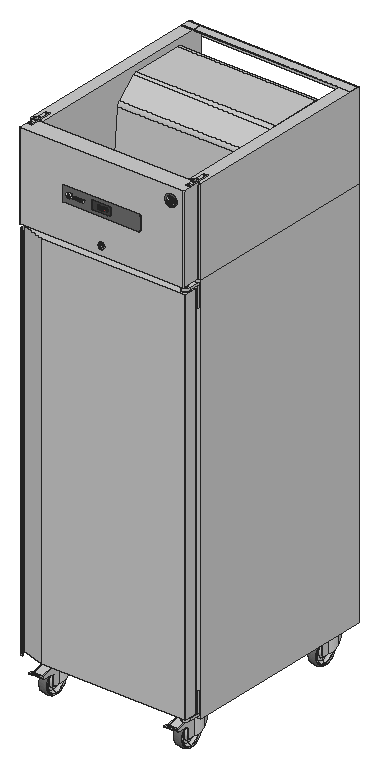
Revit family "QF_HOSHIZAKI_123702010", category Specialty Equipment, Revit 2016
Family settings
  Part Type = Normal
  Round Connector Dimension = Use Diameter
  OmniClass Number = 23.40.40.14
  OmniClass Title = Food Service Equipment
  Work Plane-Based = No
  Always vertical = Yes
  Cut with Voids When Loaded = No
  Shared = No
  Room Calculation Point = No
Parameters (values of type "123702010_230V/1Ph/50Hz")
  Weight = 123.00 kg
  Volts = 230 V
  URL Cutsheet = ""
  URL = "www.hoshizaki-europe.com"
  Status [instance] = ""
  Specification by User [instance] = ""
  Specification by Manufacturer [instance] = ""
  Serial Number = ""
  Seismic Rating = ""
  SMACNA No = ""
  Revision Code [instance] = ""
  Phase = 1
  Number of Poles = 2
  NAFEM Spec ID Number = ""
  Model = "ADVANCE F 70-3 C DR"
  Min Ckt Ampacity = 0 A
  Max Overcurrent Protection = 0 A
  Masterspec = ""
  Manufacturer = "HOSHIZAKI"
  Length Actual = 654 mm
  Item Number [instance] = ""
  Installed By [instance] = ""
  Identify Quantity as Lot [instance] = no
  Height Actual = 2000 mm
  HP power = ""
  Furnished By [instance] = ""
  Foodservice Equipment Identifier [instance] = yes
  FL Amps = 25.86 A
  Electric power = 5950 W
  Electric Connection Type [instance] = ""
  Elec Conn RI Height [instance] = 0 mm
  Elec Conn Connection Height [instance] = 1550 mm
  Description = "ADVANCE FREEZER, 2/1 DEEP, AISI304 STAINLESS STEEL EXTERIOR AND INTERIOR, HC NATURAL REFRIGERANT, CASTORS"
  Depth Actual = 830 mm
  Cycle = 50 Hz
  Cost = 0
  Conn Plug = ""
  Conn Conduit = no
  CSI MasterFormat = ""
  Assembly Code = "E1090320"
  Apparent Power = 5950 VA
  Accessory = no
Reference planes
  plane 1 "Center (Front/Back)": y = 0
  plane 2: z = 0
  plane 3 "Center (Left/Right)": x = 0
Forms (mm)
  Extrusion 1, solid, not visible
    sketch origin (624, -2, 1674) x (1, 0, 0) y (0, 1, 0)
      loop
        line (0, 0) -> (2, 0) -> (2, 2) -> (0, 2) -> (0, 0)
    from 0 to 2
Dimensions and locks
  aligned and locked: level to plane 2
Nested families
  nested 1: "QF_HOSHIZAKI_123702010_230V_1Ph_50Hz" at (0, 0, 125), type "123702010_230V/1Ph/50Hz"
    with Show Logo yes, Show Clearance yes
  nested 2: "QF_HOSHIZAKI_PRE_ADV_CASTORS" at (0, 0, 0), type "760660022-654X830"
  nested 3: "QF_HOSHIZAKI_AD_70_RX_SS_DOOR" at (0, -760, 135), type "AD_70_RX_SS_DOOR"
    with Show Logo yes, Show Clearance yes
Connectors
  electrical at (625, 0, 1675), driven by "Apparent Power", driven by "Number of Poles", driven by "Volts"
    settings: on Extrusion 1, index 1, voltage 230 V, apparent load 0 VA, apparent load phase1 5950 VA, apparent load phase2 0 VA, apparent load phase3 0 VA, power factor 1, load classification "Other", number of poles 2, system type 31, power factor state 1, is connector primary yes, connector utility no, sub classification motor no, connector description "Electric connection for '123702010'"
Definition of nested family "QF_HOSHIZAKI_123702010_230V_1Ph_50Hz"
  Parameters (values of type "123702010_230V/1Ph/50Hz")
    URL = "www.hoshizaki-europe.com"
    Show Logo [instance] = yes
    Show Clearance [instance] = yes
    Model = "ADVANCE F 70-3 C DR"
    Manufacturer = "HOSHIZAKI"
    Description = "ADVANCE FREEZER, 2/1 DEEP, AISI 403 STAINLESS STEEL EXTERIOR AND INTERIOR, HC NATURAL REFRIGERANT, CASTORS"
    Assembly Code = "E1090320"
  Types (6, lengths in mm): name | Model | Description
    131701010 | "ADVANCE K 70-4 L DR" | "ADVANCE REFRIGERATOR, 2/1 GN DEEP, AISI 304 STAINLESS STEEL EXTERIOR AND INTERIOR, HC NATURAL REFRIGERANT, LEGS"
    133701010 | "ADVANCE F 70-4 L DR" | "ADVANCE FREEZER, 2/1 DEEP, AISI 304 STAINLESS STEEL EXTERIOR AND INTERIOR, HC NATURAL REFRIGERANT, LEGS"
    121702010 | "ADVANCE K 70-3 C DR" | "ADVANCE REFRIGERATOR, 2/1 GN DEEP, AISI 403 STAINLESS STEEL EXTERIOR AND INTERIOR, HC NATURAL REFRIGERANT, CASTORS"
    123702010_230V/1Ph/50Hz | "ADVANCE F 70-3 C DR" | "ADVANCE FREEZER, 2/1 DEEP, AISI 403 STAINLESS STEEL EXTERIOR AND INTERIOR, HC NATURAL REFRIGERANT, CASTORS"
    131702030 | "ADVANCE K 70-4 C DR U" | "ADVANCE REFRIGERATOR, 2/1 GN DEEP, AISI 304 STAINLESS STEEL EXTERIOR AND INTERIOR, HC NATURAL REFRIGERANT, CASTORS"
    133702030 | "ADVANCE F 70-4 C DR U" | "ADVANCE FREEZER, 2/1 DEEP, AISI 304 STAINLESS STEEL EXTERIOR AND INTERIOR, HC NATURAL REFRIGERANT, CASTORS"
  Reference planes
    plane 1 "Back": y = 0
    plane 2: z = 0
    plane 3 "Left": x = 0
    plane 4 "Right": x = 654
    plane 5 "Front": y = -830.03
    plane 6 "Top": z = 1850
  Forms (mm)
    Extrusion 1, solid
      sketch origin (-36.57, 17.6, 1850) x (1, 0, 0) y (0, 1, 0)
        loop
          line (675.57, -773.038) -> (675.57, -726.21) -> (660.57, -726.21) -> (660.57, -773.038) -> (675.57, -773.038)
        loop
          circle (668.07, -734.247) r 1.711
        loop
          circle (668.07, -765.001) r 1.711
      from 0 to 2
    Extrusion 2, solid
      sketch origin (-36.57, -41.259, 1850) x (1, 0, 0) y (0, 1, 0)
        loop
          line (675.57, -752.351) -> (675.57, -720.851) -> (660.57, -720.851) -> (660.57, -752.351) -> (675.57, -752.351)
        loop
          circle (668.07, -727.851) r 1.711
        loop
          circle (668.07, -745.351) r 1.711
      from 0 to 2
    Extrusion 3, solid
      sketch origin (624, 17.6, -100.1) x (0, 1, 0) y (0, 0, 1)
        loop
          arc (-776.21, 1952.1) -> (-777.016, 1954.865) -> (-774.851, 1952.966) r 1.5
          line (-774.851, 1952.966) -> (-772.968, 1952.281)
          arc (-772.968, 1952.281) -> (-778.164, 1956.504) -> (-776.21, 1950.1) r 3.5
          line (-776.21, 1950.1) -> (-773.038, 1950.1) -> (-773.038, 1952.1) -> (-776.21, 1952.1)
      from 0 to 15
    Extrusion 4, solid
      sketch origin (-645.57, 17.6, 1850) x (1, 0, 0) y (0, 1, 0)
        loop
          line (675.57, -773.038) -> (675.57, -726.21) -> (660.57, -726.21) -> (660.57, -773.038) -> (675.57, -773.038)
        loop
          circle (668.07, -734.247) r 1.711
        loop
          circle (668.07, -765.001) r 1.711
      from 0 to 2
    Extrusion 5, solid
      sketch origin (-645.57, -41.259, 1850) x (1, 0, 0) y (0, 1, 0)
        loop
          line (675.57, -752.351) -> (675.57, -720.851) -> (660.57, -720.851) -> (660.57, -752.351) -> (675.57, -752.351)
        loop
          circle (668.07, -727.851) r 1.711
        loop
          circle (668.07, -745.351) r 1.711
      from 0 to 2
    Extrusion 6, solid
      sketch origin (15, 17.6, -100.1) x (0, 1, 0) y (0, 0, 1)
        loop
          arc (-776.21, 1952.1) -> (-777.016, 1954.865) -> (-774.851, 1952.966) r 1.5
          line (-774.851, 1952.966) -> (-772.968, 1952.281)
          arc (-772.968, 1952.281) -> (-778.164, 1956.504) -> (-776.21, 1950.1) r 3.5
          line (-776.21, 1950.1) -> (-773.038, 1950.1) -> (-773.038, 1952.1) -> (-776.21, 1952.1)
      from 0 to 15
    Extrusion 7, solid
      sketch origin (0, 0, -100) x (0, 1, 0) y (0, 0, 1)
        loop
          line (-760, 1617.5) -> (0, 1617.5) -> (0, 1948.5)
          arc (0, 1948.5) -> (-0.439, 1949.561) -> (-1.5, 1950) r 1.5
          line (-1.5, 1950) -> (-759.35, 1950)
          arc (-759.35, 1950) -> (-759.81, 1949.81) -> (-760, 1949.35) r 0.65
          line (-760, 1949.35) -> (-760, 1617.5)
      from 0 to 45
    Extrusion 8, solid
      sketch origin (609, 0, -100) x (0, 1, 0) y (0, 0, 1)
        loop
          line (-760, 1617.5) -> (0, 1617.5) -> (0, 1948.5)
          arc (0, 1948.5) -> (-0.439, 1949.561) -> (-1.5, 1950) r 1.5
          line (-1.5, 1950) -> (-759.35, 1950)
          arc (-759.35, 1950) -> (-759.81, 1949.81) -> (-760, 1949.35) r 0.65
          line (-760, 1949.35) -> (-760, 1617.5)
      from 0 to 45
    Extrusion 9, solid
      sketch origin (0, 1.5, -100.1) x (0, 1, 0) y (0, 0, 1)
        loop
          line (-1.51, 1951.6) -> (-38.51, 1951.6) -> (-38.51, 1950.1) -> (-3, 1950.1)
          arc (-3, 1950.1) -> (-1.939, 1949.661) -> (-1.5, 1948.6) r 1.5
          line (-1.5, 1948.6) -> (-1.5, 1914.7) -> (0, 1914.7) -> (0, 1950.09)
          arc (0, 1950.09) -> (-0.442, 1951.158) -> (-1.51, 1951.6) r 1.51
      from 1.06 to 653.06
    Extrusion 10, solid
      sketch origin (0, 17.6, 1849.9) x (1, 0, 0) y (0, 1, 0)
        loop
          line (10, -778.8) -> (10, -842.7)
          arc (10, -842.7) -> (11.435, -846.165) -> (14.9, -847.6) r 4.9
          line (14.9, -847.6) -> (639.1, -847.6)
          arc (639.1, -847.6) -> (642.565, -846.165) -> (644, -842.7) r 4.9
          line (644, -842.7) -> (644, -778.8)
          arc (644, -778.8) -> (643.649, -777.951) -> (642.8, -777.6) r 1.2
          line (642.8, -777.6) -> (11.2, -777.6)
          arc (11.2, -777.6) -> (10.351, -777.951) -> (10, -778.8) r 1.2
      from -332.4 to 0.1
    Extrusion 11, solid
      sketch origin (7.29, 0, -100) x (0, 1, 0) y (0, 0, 1)
        loop
          arc (-113.281, 1932.651) -> (-120.8, 1936.992) -> (-129.35, 1938.5) r 25
          line (-129.35, 1938.5) -> (-324.65, 1938.5)
          arc (-324.65, 1938.5) -> (-333.2, 1936.992) -> (-340.719, 1932.651) r 25
          line (-340.719, 1932.651) -> (-408.922, 1875.423)
          arc (-408.922, 1875.423) -> (-415.027, 1867.815) -> (-417.757, 1858.45) r 25
          line (-417.757, 1858.45) -> (-436.998, 1638.52) -> (-17.002, 1638.52) -> (-36.243, 1858.45)
          arc (-36.243, 1858.45) -> (-38.973, 1867.815) -> (-45.078, 1875.423) r 25
          line (-45.078, 1875.423) -> (-113.281, 1932.651)
      from 52.71 to 586.71
    Extrusion 12, solid
      sketch origin (0, 0, -100) x (1, 0, 0) y (0, 0, 1)
        loop
          line (45, 1638.52) -> (45, 1617.5) -> (609, 1617.5) -> (609, 1638.52) -> (45, 1638.52)
      from 0 to 760
    Extrusion 13, solid, visible <- "Show Logo"
      sketch origin (1053.884, -828.5, -60.1) x (-1, 0, 0) y (0, 0, -1)
        loop
          circle (459.884, -1862.5) r 13.99
      from 0 to 2.5
    Extrusion 14, solid, visible <- "Show Logo"
      sketch origin (1053.884, -829, -60.1) x (-1, 0, 0) y (0, 0, -1)
        loop
          circle (459.884, -1862.5) r 15
        loop
          arc (446.884, -1862.5) -> (460.705, -1875.474) -> (472.781, -1860.863) r 13
          line (472.781, -1860.863) -> (470.355, -1858.437) -> (469.346, -1862.201) -> (466.355, -1863.928) -> (465.024, -1865.26) -> (463.375, -1865.26) -> (462.04, -1870.241) -> (457.755, -1870.241) -> (459.339, -1867.979) -> (460.402, -1864.014) -> (461.224, -1860.945) -> (462.416, -1856.497) -> (461.216, -1855.297) -> (459.433, -1857.843) -> (455.784, -1851.523) -> (460.361, -1851.523) -> (461.471, -1853.446) -> (469.213, -1853.446)
          arc (469.213, -1853.446) -> (460.394, -1849.51) -> (451.293, -1852.743) r 13
          line (451.293, -1852.743) -> (455.577, -1853.891) -> (453.752, -1856.497) -> (455.349, -1856.497) -> (454.477, -1866.459) -> (452.538, -1866.459) -> (446.884, -1862.5)
        loop
          line (447.853, -1857.467) -> (452.313, -1861.926) -> (450.144, -1853.891)
          arc (450.144, -1853.891) -> (448.878, -1855.602) -> (447.853, -1857.467) r 15.828
        loop
          line (463.583, -1862.877) -> (466.64, -1862.399) -> (464.901, -1861.285) -> (463.583, -1857.664) -> (463.583, -1862.877)
        loop
          line (464.827, -1855.979) -> (468.296, -1856.908) -> (469.573, -1854.916) -> (468.881, -1854.224) -> (467.914, -1855.035) -> (464.827, -1855.979)
        loop
          line (462.609, -1872.307) -> (462.609, -1874.009) -> (464.927, -1873.388) -> (462.609, -1872.307)
        loop
          line (460.361, -1874.662) -> (459.594, -1873.335) -> (460.801, -1872.638) -> (459.186, -1872.205) -> (458.298, -1874.11) -> (460.361, -1874.662)
        loop
          line (459.623, -1846.783) -> (460.706, -1845.701) -> (462.247, -1845.701) -> (461.191, -1844.645) -> (461.503, -1842.874) -> (459.623, -1843.959) -> (457.743, -1842.874) -> (458.055, -1844.645) -> (456.999, -1845.701) -> (458.54, -1845.701) -> (459.623, -1846.783)
        loop
          line (446.86, -1853.7) -> (446.594, -1852.191) -> (447.478, -1850.929) -> (446.007, -1851.188) -> (444.736, -1849.917) -> (444.547, -1852.08) -> (442.579, -1852.997) -> (444.209, -1853.757) -> (444.468, -1855.228) -> (445.352, -1853.965) -> (446.86, -1853.7)
        loop
          line (452.395, -1848.68) -> (452.856, -1847.219) -> (454.223, -1846.508) -> (452.799, -1846.059) -> (452.258, -1844.344) -> (451.091, -1846.175) -> (448.922, -1846.08) -> (450.017, -1847.507) -> (449.568, -1848.931) -> (450.935, -1848.219) -> (452.395, -1848.68)
        loop
          line (472.909, -1853.7) -> (474.417, -1853.965) -> (475.301, -1855.228) -> (475.56, -1853.757) -> (477.19, -1852.997) -> (475.222, -1852.08) -> (475.033, -1849.917) -> (473.761, -1851.188) -> (472.291, -1850.929) -> (473.175, -1852.191) -> (472.909, -1853.7)
        loop
          line (467.374, -1848.68) -> (468.834, -1848.219) -> (470.201, -1848.931) -> (469.752, -1847.507) -> (470.847, -1846.08) -> (468.678, -1846.175) -> (467.511, -1844.344) -> (466.97, -1846.059) -> (465.546, -1846.508) -> (466.913, -1847.219) -> (467.374, -1848.68)
      from 0 to 2.5
    Extrusion 15, solid, visible <- "Show Logo"
      sketch origin (1053.884, -829, -60.1) x (-1, 0, 0) y (0, 0, -1)
        loop
          line (462.609, -1874.009) -> (462.609, -1872.307) -> (462.085, -1870.241) -> (457.755, -1870.241) -> (459.339, -1867.979) -> (462.416, -1856.497) -> (461.216, -1855.297) -> (459.433, -1857.843) -> (455.808, -1851.565) -> (453.948, -1851.565) -> (455.577, -1853.891) -> (454.477, -1866.459) -> (456.345, -1871.339)
          arc (456.345, -1871.339) -> (456.868, -1874.025) -> (459.213, -1875.435) r 3.366
          arc (459.213, -1875.435) -> (460.198, -1875.496) -> (461.183, -1875.435) r 8.046
          line (461.183, -1875.435) -> (462.609, -1874.009)
        loop
          line (456.854, -1851.523) -> (460.361, -1851.523) -> (460.916, -1852.485) -> (462.702, -1852.485) -> (463.779, -1851.407) -> (460.623, -1851.407) -> (461.563, -1850.468) -> (456.245, -1850.468) -> (456.854, -1851.523)
        loop
          line (460.361, -1874.662) -> (459.594, -1873.335) -> (460.801, -1872.638) -> (459.186, -1872.205) -> (458.298, -1874.11) -> (460.361, -1874.662)
      from 0 to 2.5
    Extrusion 16, solid, visible <- "Show Logo"
      sketch origin (1039.5, -828.5, 1238.8) x (-1, 0, 0) y (0, 0, -1)
        loop
          circle (445.5, -563.6) r 22.5
      from 0 to 2
    Extrusion 17, solid
      sketch origin (0, 0, 0) x (1, 0, 0) y (0, 0, 1)
        loop
          line (0, 1517.5) -> (0, 0) -> (654, 0) -> (654, 1517.5) -> (0, 1517.5)
        loop
          line (60, 1457.5) -> (60, 60) -> (594, 60) -> (594, 1457.5) -> (60, 1457.5)
      from 0 to 760
    Extrusion 18, solid
      sketch origin (0, 0, 0) x (1, 0, 0) y (0, 0, 1)
        loop
          line (60, 60) -> (594, 60) -> (594, 1457.5) -> (60, 1457.5) -> (60, 60)
      from 0 to 45
    Extrusion 19, solid
      sketch origin (619.076, -828.5, -100.11) x (1, 0, 0) y (0, 0, 1)
        loop
          arc (-147.076, 1752.13) -> (-143.541, 1753.594) -> (-142.076, 1757.13) r 5
          line (-142.076, 1757.13) -> (-142.076, 1807.13)
          arc (-142.076, 1807.13) -> (-143.541, 1810.666) -> (-147.076, 1812.13) r 5
          line (-147.076, 1812.13) -> (-437.076, 1812.13)
          arc (-437.076, 1812.13) -> (-440.612, 1810.666) -> (-442.076, 1807.13) r 5
          line (-442.076, 1807.13) -> (-442.076, 1757.13)
          arc (-442.076, 1757.13) -> (-440.612, 1753.594) -> (-437.076, 1752.13) r 5
          line (-437.076, 1752.13) -> (-147.076, 1752.13)
        loop
          line (-329.576, 1792.63) -> (-329.576, 1771.63)
          arc (-329.576, 1771.63) -> (-327.819, 1767.387) -> (-323.576, 1765.63) r 6
          line (-323.576, 1765.63) -> (-260.576, 1765.63)
          arc (-260.576, 1765.63) -> (-256.334, 1767.387) -> (-254.576, 1771.63) r 6
          line (-254.576, 1771.63) -> (-254.576, 1792.63)
          arc (-254.576, 1792.63) -> (-256.334, 1796.873) -> (-260.576, 1798.63) r 6
          line (-260.576, 1798.63) -> (-323.576, 1798.63)
          arc (-323.576, 1798.63) -> (-327.819, 1796.873) -> (-329.576, 1792.63) r 6
      from 0 to 2
    Extrusion 20, solid
      sketch origin (619.076, -828.5, -100.11) x (1, 0, 0) y (0, 0, 1)
        loop
          arc (-323.576, 1798.63) -> (-327.819, 1796.873) -> (-329.576, 1792.63) r 6
          line (-329.576, 1792.63) -> (-329.576, 1771.63)
          arc (-329.576, 1771.63) -> (-327.819, 1767.387) -> (-323.576, 1765.63) r 6
          line (-323.576, 1765.63) -> (-260.576, 1765.63)
          arc (-260.576, 1765.63) -> (-256.334, 1767.387) -> (-254.576, 1771.63) r 6
          line (-254.576, 1771.63) -> (-254.576, 1792.63)
          arc (-254.576, 1792.63) -> (-256.334, 1796.873) -> (-260.576, 1798.63) r 6
          line (-260.576, 1798.63) -> (-323.576, 1798.63)
      from 0 to 2
    Extrusion 21, solid
      sketch origin (619.076, -829, -100.11) x (1, 0, 0) y (0, 0, 1)
        loop
          line (-298.911, 1787.691) -> (-298.115, 1788.439) -> (-298.929, 1789.206) -> (-304.501, 1789.206) -> (-305.3, 1788.422) -> (-304.534, 1787.691) -> (-298.911, 1787.691)
        loop
          line (-296.938, 1787.449) -> (-297.831, 1788.111) -> (-298.725, 1787.449) -> (-298.725, 1783.432) -> (-297.831, 1782.769) -> (-296.938, 1783.432) -> (-296.938, 1787.449)
        loop
          line (-298.911, 1777.181) -> (-304.534, 1777.181) -> (-305.3, 1776.45) -> (-304.501, 1775.666) -> (-298.929, 1775.666) -> (-298.115, 1776.432) -> (-298.911, 1777.181)
        loop
          line (-296.938, 1777.423) -> (-296.938, 1781.44) -> (-297.831, 1782.103) -> (-298.725, 1781.44) -> (-298.725, 1777.423) -> (-297.831, 1776.761) -> (-296.938, 1777.423)
        loop
          line (-298.911, 1783.189) -> (-304.534, 1783.189) -> (-305.3, 1782.459) -> (-304.501, 1781.675) -> (-298.929, 1781.675) -> (-298.115, 1782.441) -> (-298.911, 1783.189)
        loop
          line (-270.911, 1787.691) -> (-270.115, 1788.439) -> (-270.929, 1789.206) -> (-276.501, 1789.206) -> (-277.3, 1788.422) -> (-276.534, 1787.691) -> (-270.911, 1787.691)
        loop
          line (-268.938, 1787.449) -> (-269.831, 1788.111) -> (-270.725, 1787.449) -> (-270.725, 1783.432) -> (-269.831, 1782.769) -> (-268.938, 1783.432) -> (-268.938, 1787.449)
        loop
          line (-268.938, 1777.423) -> (-268.938, 1781.44) -> (-269.831, 1782.103) -> (-270.725, 1781.44) -> (-270.725, 1777.423) -> (-269.831, 1776.761) -> (-268.938, 1777.423)
        loop
          line (-294.968, 1776.333) -> (-293.829, 1775.386) -> (-292.676, 1776.348) -> (-293.829, 1777.28) -> (-294.968, 1776.333)
        loop
          line (-282.911, 1777.226) -> (-288.534, 1777.226) -> (-289.3, 1776.496) -> (-288.501, 1775.712) -> (-282.929, 1775.712) -> (-282.115, 1776.478) -> (-282.911, 1777.226)
        loop
          line (-280.938, 1777.469) -> (-280.938, 1781.486) -> (-281.831, 1782.148) -> (-282.725, 1781.486) -> (-282.725, 1777.469) -> (-281.831, 1776.806) -> (-280.938, 1777.469)
        loop
          line (-282.911, 1787.737) -> (-282.115, 1788.485) -> (-282.929, 1789.251) -> (-288.501, 1789.251) -> (-289.3, 1788.467) -> (-288.534, 1787.737) -> (-282.911, 1787.737)
        loop
          line (-280.938, 1787.494) -> (-281.831, 1788.157) -> (-282.725, 1787.494) -> (-282.725, 1783.477) -> (-281.831, 1782.815) -> (-280.938, 1783.477) -> (-280.938, 1787.494)
        loop
          line (-282.911, 1781.728) -> (-282.115, 1782.476) -> (-282.929, 1783.243) -> (-288.501, 1783.243) -> (-289.3, 1782.459) -> (-288.534, 1781.728) -> (-282.911, 1781.728)
        loop
          line (-290.492, 1787.494) -> (-290.492, 1783.477) -> (-289.599, 1782.815) -> (-288.705, 1783.477) -> (-288.705, 1787.494) -> (-289.599, 1788.157) -> (-290.492, 1787.494)
      from 0 to 2
    Revolve 22, solid
      sketch origin (327, 917.6, -100.11) x (0, 1, 0) y (0, 0, 1)
        loop
          line (-1752.6, 1652.1) -> (-1747.6, 1652.1) -> (-1747.6, 1662.634)
          arc (-1747.6, 1662.634) -> (-1748.329, 1663.731) -> (-1749.631, 1663.534) r 1.226
          line (-1749.631, 1663.534) -> (-1752.6, 1660.565) -> (-1752.6, 1652.1)
        axis (-1747.6, 1652.1) -> (-1752.6, 1652.1)
      angle from 0 to 360
    Extrusion 23, void
      sketch origin (-818.06, -833.5, -101.61) x (1, 0, 0) y (0, 0, 1)
        loop
          line (1143.96, 1657.815) -> (1143.96, 1649.385) -> (1146.16, 1649.385) -> (1146.16, 1657.815) -> (1143.96, 1657.815)
      from -1.469 to 2
    Extrusion 24, solid, visible <- "Show Logo"
      sketch origin (787.623, -829, -98.186) x (1, 0, 0) y (0, 0, 1)
        loop
          line (-574.302, 1788.729) -> (-583.131, 1788.729)
          arc (-583.131, 1788.729) -> (-589.303, 1787.599) -> (-594.673, 1784.355) r 17.416
          arc (-594.673, 1784.355) -> (-596.462, 1781.094) -> (-595.769, 1777.439) r 5.506
          arc (-595.769, 1777.439) -> (-593.146, 1774.866) -> (-589.587, 1773.956) r 7.07
          line (-589.587, 1773.956) -> (-587.25, 1773.956) -> (-588.248, 1771.34) -> (-581.613, 1771.34) -> (-580.432, 1773.956) -> (-571.398, 1773.956) -> (-569.064, 1779.592) -> (-566.746, 1773.956) -> (-559.715, 1773.956) -> (-557.728, 1776.29) -> (-552.838, 1776.29) -> (-551.953, 1773.956) -> (-545.563, 1773.956) -> (-543.121, 1779.778) -> (-540.707, 1773.914) -> (-533.897, 1779.586) -> (-536.239, 1773.956) -> (-530.603, 1773.956) -> (-526.429, 1784.233) -> (-531.941, 1784.233) -> (-537.329, 1779.747) -> (-539.135, 1784.233) -> (-544.054, 1784.233) -> (-547.268, 1776.58) -> (-550.408, 1784.233) -> (-554.271, 1784.233) -> (-561.118, 1776.477) -> (-561.995, 1776.477) -> (-562.958, 1778.877)
          arc (-562.958, 1778.877) -> (-561.217, 1779.568) -> (-560.011, 1781.001) r 3.84
          arc (-560.011, 1781.001) -> (-560.124, 1783.171) -> (-562.025, 1784.225) r 2.241
          line (-562.025, 1784.225) -> (-573.005, 1784.225) -> (-576.227, 1776.507) -> (-579.37, 1776.507) -> (-576.183, 1784.227) -> (-585.103, 1784.227) -> (-586.099, 1781.742) -> (-583.981, 1781.742) -> (-586.194, 1776.345)
          arc (-586.194, 1776.345) -> (-588.764, 1776.925) -> (-590.188, 1779.141) r 3.476
          arc (-590.188, 1779.141) -> (-590.046, 1780.636) -> (-589.587, 1782.064) r 6.962
          arc (-589.587, 1782.064) -> (-587.018, 1785.071) -> (-583.227, 1786.194) r 6.962
          line (-583.227, 1786.194) -> (-575.446, 1786.194) -> (-574.302, 1788.729)
        loop
          line (-568.201, 1781.677) -> (-568.99, 1779.771) -> (-567.006, 1779.771)
          arc (-567.006, 1779.771) -> (-565.95, 1780.209) -> (-565.513, 1781.264) r 1.493
          arc (-565.513, 1781.264) -> (-565.795, 1781.565) -> (-566.192, 1781.677) r 0.765
          line (-566.192, 1781.677) -> (-568.201, 1781.677)
        loop
          line (-554.482, 1780.63) -> (-556.797, 1778.007) -> (-553.488, 1778.007) -> (-554.482, 1780.63)
      from 0 to 2
  Cuts and joins
    joined: Extrusion 17, Extrusion 18
    Extrusion 23 cuts Revolve 22
  Lines and regions (mm)
    symbolic lines
      curve 1: line (0, 0, 0) -> (0, -760, 0)
      curve 2: line (654, -760, 0) -> (654, 0, 0)
      curve 3: line (14.9, -830, 0) -> (639.1, -830, 0)
      curve 4: line (654, 0, 0) -> (0, 0, 0)
      curve 5: line (60, -37.01, 0) -> (60, -436.998, 0)
      curve 6: line (60, -436.998, 0) -> (594, -436.998, 0)
      curve 7: line (594, -436.998, 0) -> (594, -37.01, 0)
      curve 8: line (609, -37.01, 0) -> (609, -760, 0)
      curve 9: line (45, -760, 0) -> (45, -37.01, 0)
      curve 10: line (0, -37.01, 0) -> (654, -37.01, 0)
      curve 11: line (654, -760, 0) -> (0, -760, 0)
      curve 12: line (644, -825.1, 0) -> (644, -761.2, 0)
      curve 13: arc (639.1, -830, 0) -> (642.565, -828.565, 0) -> (644, -825.1, 0) r 4.9
      curve 14: arc (10, -825.1, 0) -> (11.435, -828.565, 0) -> (14.9, -830, 0) r 4.9
      curve 15: line (10, -761.2, 0) -> (10, -825.1, 0)
      curve 16: arc (11.2, -760, 0) -> (10.351, -760.351, 0) -> (10, -761.2, 0) r 1.2
      curve 17: arc (644, -761.2, 0) -> (643.649, -760.351, 0) -> (642.8, -760, 0) r 1.2
  Dimensions and locks
    plane 4 "Right" to plane 3 "Left" = 654 mm
    plane 6 "Top" to level = 1850 mm  (x2)
    plane 3 "Left" to plane 4 "Right" = 654 mm
    plane 5 "Front" to plane 1 "Back" = 830.03 mm
    plane 1 "Back" to plane 5 "Front" = 830.03 mm
    aligned and locked: level to plane 2
Definition of nested family "QF_HOSHIZAKI_PRE_ADV_CASTORS"
  Parameters (values of type "760660022-654X830")
    Weight [instance] = 0.00 kg
    URL Cutsheet [instance] = ""
    URL = "www.hoshizaki-europe.com"
    Status [instance] = ""
    Specification by User [instance] = ""
    Specification by Manufacturer [instance] = ""
    Serial Number [instance] = ""
    Seismic Rating [instance] = ""
    SMACNA No [instance] = ""
    Right offset = 67 mm
    Revision Code [instance] = ""
    Rear offset = 58 mm
    NAFEM Spec ID Number [instance] = ""
    Model = "C1"
    Masterspec [instance] = ""
    Manufacturer = "HOSHIZAKI"
    Length Actual [instance] = 654 mm
    Length = 654 mm
    Left offset = 67 mm
    Item Number [instance] = ""
    Installed By [instance] = ""
    Identify Quantity as Lot [instance] = no
    Height Actual [instance] = 125 mm
    Furnished By [instance] = ""
    Front offset = 125 mm
    Foodservice Equipment Identifier [instance] = no
    Description = "SET OF CASTORS 125 MM"
    Depth Actual [instance] = 830 mm
    Depth = 830 mm
    Cost = 0
    CSI MasterFormat [instance] = ""
    Assembly Code = "E1090320"
    Accessory [instance] = yes
  Reference planes
    plane 1 "Back": y = 0
    plane 2: z = 0
    plane 3 "Left": x = 0
    plane 4 "Right": x = 654
    plane 5 "Front": y = -830
    plane 6 "Top": z = 125
    plane 7 "Central": x = 327
    plane 8 "Left side castors": x = 67
    plane 9 "Right side castors": x = 587
    plane 10: y = -58
    plane 11: y = -705
  Dimensions and locks
    "Length": plane 3 "Left" to plane 4 "Right"
    "Depth": plane 1 "Back" to plane 5 "Front"
    plane 6 "Top" to plane 2 = 125 mm
    equal spacing: plane 3 "Left", plane 7 "Central", plane 4 "Right"
    "Left offset": plane 3 "Left" to plane 8 "Left side castors"
    "Right offset": plane 9 "Right side castors" to plane 4 "Right"
    "Rear offset": plane 10 to plane 1 "Back"
    "Front offset": plane 11 to plane 5 "Front"
    aligned and locked: level to plane 2
    aligned and locked: nested 1 to plane 11
    aligned and locked: nested 2 to plane 11
    aligned and locked: nested 2 to plane 9 "Right side castors"
    aligned and locked: nested 1 to plane 8 "Left side castors"
    aligned and locked: nested 3 to plane 8 "Left side castors"
    aligned and locked: nested 4 to plane 9 "Right side castors"
    aligned and locked: nested 3 to plane 10
    aligned and locked: nested 4 to plane 10
  Nested families
    nested 1: "QF_ATOSA_CASTORS_BRAKES" at (67, -705, 0), type "CASTORS WITH BRAKES"
    nested 2: "QF_ATOSA_CASTORS_BRAKES" at (587, -705, 0), type "CASTORS WITH BRAKES"
    nested 3: "QF_ATOSA_CASTORS_WITHOUT_BRAKES" at (67, -58, 0), type "CASTORS"
    nested 4: "QF_ATOSA_CASTORS_WITHOUT_BRAKES" at (587, -58, 0), type "CASTORS"
  Definition of nested family "QF_ATOSA_CASTORS_BRAKES"
    Reference planes
      plane 1 "Center (Front/Back)": y = 0
      plane 2: z = 0
      plane 3 "Center (Left/Right)": x = 0
    Forms (mm)
      Extrusion 1, solid
        sketch origin (-20.685, -138.446, 9.74) x (0, 1, 0) y (0, 0, 1)
          loop
            arc (82.446, 39.255) -> (85.375, 32.184) -> (92.446, 29.255) r 10
            arc (92.446, 29.255) -> (99.905, 29.776) -> (107.221, 31.328) r 53.702
            line (107.221, 31.328) -> (107.221, 99.255) -> (83.819, 99.255)
            arc (83.819, 99.255) -> (82.458, 99.162) -> (81.123, 98.885) r 10
            line (81.123, 98.885) -> (33.906, 85.664)
            arc (33.906, 85.664) -> (32.852, 84.947) -> (32.446, 83.738) r 2
            line (32.446, 83.738) -> (32.446, 81.179)
            arc (32.446, 81.179) -> (33.888, 77.697) -> (37.369, 76.255) r 4.923
            line (37.369, 76.255) -> (72.446, 76.255)
            arc (72.446, 76.255) -> (79.517, 73.326) -> (82.446, 66.255) r 10
            line (82.446, 66.255) -> (82.446, 39.255)
        from 0 to 3
      Extrusion 2, solid
        sketch origin (-99.985, -138.446, 20.165) x (0, 1, 0) y (0, 0, 1)
          loop
            line (32.761, 70.841) -> (82.995, 84.83) -> (107.221, 84.83) -> (107.221, 86.83) -> (82.72, 86.83) -> (32.631, 72.805)
            arc (32.631, 72.805) -> (30.574, 74.383) -> (28.997, 76.439) r 9.928
            line (28.997, 76.439) -> (27.573, 78.904)
            arc (27.573, 78.904) -> (23.913, 82.565) -> (18.913, 83.904) r 10
            line (18.913, 83.904) -> (11.985, 83.904) -> (11.985, 81.904) -> (17.758, 81.904)
            arc (17.758, 81.904) -> (22.233, 80.83) -> (25.732, 77.841) r 9.856
            line (25.732, 77.841) -> (27.248, 75.467)
            arc (27.248, 75.467) -> (29.65, 72.732) -> (32.761, 70.841) r 12.007
        from 82.3 to 117.67
      Extrusion 3, solid
        sketch origin (147.062, -94.25, 0) x (1, 0, 0) y (0, 1, 0)
          loop
            line (-114.562, 143.5) -> (-179.562, 143.5)
            arc (-179.562, 143.5) -> (-186.633, 140.571) -> (-189.562, 133.5) r 10
            line (-189.562, 133.5) -> (-189.562, 55)
            arc (-189.562, 55) -> (-186.633, 47.929) -> (-179.562, 45) r 10
            line (-179.562, 45) -> (-114.562, 45)
            arc (-114.562, 45) -> (-107.491, 47.929) -> (-104.562, 55) r 10
            line (-104.562, 55) -> (-104.562, 133.5)
            arc (-104.562, 133.5) -> (-107.491, 140.571) -> (-114.562, 143.5) r 10
        from 121.995 to 125
      Extrusion 4, solid
        sketch origin (147.062, -199.25, 0) x (1, 0, 0) y (0, 1, 0)
          loop
            circle (-147.062, 199.25) r 35
          loop
            circle (-147.062, 199.25) r 36.985
        from 20.063 to 121.995
      Extrusion 5, void
        sketch origin (147.062, -398.5, 0) x (0, 1, 0) y (0, 0, 1)
          loop
            line (441.93, 119.401) -> (385.135, 52.666)
            arc (385.135, 52.666) -> (376.943, 45.73) -> (367.275, 41.068) r 42.492
            arc (367.275, 41.068) -> (359.96, 39.516) -> (352.5, 38.995) r 53.702
            line (352.5, 38.995) -> (352.5, 14.696) -> (441.93, 14.696) -> (441.93, 119.401)
        from -189.562 to -104.562
      Revolve 6, solid
        sketch origin (147.062, -35.929, 0) x (1, 0, 0) y (0, 0, 1)
          loop
            line (-164.747, 48.995) -> (-129.377, 48.995) -> (-129.377, 58.995) -> (-131.562, 58.995)
            arc (-131.562, 58.995) -> (-140.754, 62.803) -> (-144.562, 71.995) r 13
            line (-144.562, 71.995) -> (-144.562, 81.557)
            arc (-144.562, 81.557) -> (-141.634, 88.625) -> (-134.566, 91.552) r 9.996
            line (-134.566, 91.552) -> (-131.562, 91.552) -> (-131.562, 93.552) -> (-162.562, 93.552) -> (-162.562, 91.552) -> (-159.557, 91.552)
            arc (-159.557, 91.552) -> (-152.489, 88.625) -> (-149.562, 81.557) r 9.996
            line (-149.562, 81.557) -> (-149.562, 71.995)
            arc (-149.562, 71.995) -> (-153.369, 62.803) -> (-162.562, 58.995) r 13
            line (-162.562, 58.995) -> (-164.747, 58.995) -> (-164.747, 48.995)
          axis (-164.747, 48.995) -> (-129.377, 48.995)
        angle from 0 to 360
      Revolve 7, solid
        sketch origin (147.062, -35.929, 0) x (1, 0, 0) y (0, 0, 1)
          loop
            line (-162.562, 4.438) -> (-162.562, 2.474)
            arc (-162.562, 2.474) -> (-147.062, 0) -> (-131.562, 2.474) r 49.793
            line (-131.562, 2.474) -> (-131.562, 4.438) -> (-162.562, 4.438)
          axis (-162.562, 48.995) -> (-131.562, 48.995)
        angle from 0 to 360
      Extrusion 8, solid
        sketch origin (17.685, -138.446, 9.74) x (0, 1, 0) y (0, 0, 1)
          loop
            arc (82.446, 39.255) -> (85.375, 32.184) -> (92.446, 29.255) r 10
            arc (92.446, 29.255) -> (99.905, 29.776) -> (107.221, 31.328) r 53.702
            line (107.221, 31.328) -> (107.221, 99.255) -> (83.819, 99.255)
            arc (83.819, 99.255) -> (82.458, 99.162) -> (81.123, 98.885) r 10
            line (81.123, 98.885) -> (33.906, 85.664)
            arc (33.906, 85.664) -> (32.852, 84.947) -> (32.446, 83.738) r 2
            line (32.446, 83.738) -> (32.446, 81.179)
            arc (32.446, 81.179) -> (33.888, 77.697) -> (37.369, 76.255) r 4.923
            line (37.369, 76.255) -> (72.446, 76.255)
            arc (72.446, 76.255) -> (79.517, 73.326) -> (82.446, 66.255) r 10
            line (82.446, 66.255) -> (82.446, 39.255)
        from 0 to 3
      Extrusion 9, solid
        sketch origin (-17.685, -138.446, 9.74) x (0, 1, 0) y (0, 0, 1)
          loop
            line (81.123, 98.885) -> (33.906, 85.664)
            arc (33.906, 85.664) -> (32.703, 84.719) -> (32.52, 83.199) r 2
            line (32.52, 83.199) -> (82.72, 97.255) -> (107.221, 97.255) -> (107.221, 99.255) -> (83.819, 99.255)
            arc (83.819, 99.255) -> (82.458, 99.162) -> (81.123, 98.885) r 10
        from 0 to 35.37
    Cuts and joins
      Extrusion 5 cuts Extrusion 4
    Dimensions and locks
      aligned and locked: level to plane 2
  Definition of nested family "QF_ATOSA_CASTORS_WITHOUT_BRAKES"
    Reference planes
      plane 1 "Center (Front/Back)": y = 0
      plane 2: z = 0
      plane 3 "Center (Left/Right)": x = 0
    Forms (mm)
      Extrusion 1, solid
        sketch origin (-20.685, -138.446, 9.74) x (0, 1, 0) y (0, 0, 1)
          loop
            arc (82.446, 39.255) -> (85.375, 32.184) -> (92.446, 29.255) r 10
            arc (92.446, 29.255) -> (99.905, 29.776) -> (107.221, 31.328) r 53.702
            line (107.221, 31.328) -> (107.221, 96.255) -> (82.446, 96.255) -> (82.446, 39.255)
        from 0 to 3
      Extrusion 2, solid
        sketch origin (147.062, -94.25, 0) x (1, 0, 0) y (0, 1, 0)
          loop
            line (-114.562, 143.5) -> (-179.562, 143.5)
            arc (-179.562, 143.5) -> (-186.633, 140.571) -> (-189.562, 133.5) r 10
            line (-189.562, 133.5) -> (-189.562, 55)
            arc (-189.562, 55) -> (-186.633, 47.929) -> (-179.562, 45) r 10
            line (-179.562, 45) -> (-114.562, 45)
            arc (-114.562, 45) -> (-107.491, 47.929) -> (-104.562, 55) r 10
            line (-104.562, 55) -> (-104.562, 133.5)
            arc (-104.562, 133.5) -> (-107.491, 140.571) -> (-114.562, 143.5) r 10
        from 121.995 to 125
      Extrusion 3, solid
        sketch origin (147.062, -199.25, 0) x (1, 0, 0) y (0, 1, 0)
          loop
            circle (-147.062, 199.25) r 35
          loop
            circle (-147.062, 199.25) r 36.985
        from 20.063 to 121.995
      Extrusion 4, void
        sketch origin (147.062, -398.5, 0) x (0, 1, 0) y (0, 0, 1)
          loop
            line (441.93, 119.401) -> (385.135, 52.666)
            arc (385.135, 52.666) -> (376.943, 45.73) -> (367.275, 41.068) r 42.492
            arc (367.275, 41.068) -> (359.96, 39.516) -> (352.5, 38.995) r 53.702
            line (352.5, 38.995) -> (352.5, 14.696) -> (441.93, 14.696) -> (441.93, 119.401)
        from -189.562 to -104.562
      Revolve 5, solid
        sketch origin (147.062, -35.929, 0) x (1, 0, 0) y (0, 0, 1)
          loop
            line (-164.747, 48.995) -> (-129.377, 48.995) -> (-129.377, 58.995) -> (-131.562, 58.995)
            arc (-131.562, 58.995) -> (-140.754, 62.803) -> (-144.562, 71.995) r 13
            line (-144.562, 71.995) -> (-144.562, 81.557)
            arc (-144.562, 81.557) -> (-141.634, 88.625) -> (-134.566, 91.552) r 9.996
            line (-134.566, 91.552) -> (-131.562, 91.552) -> (-131.562, 93.552) -> (-162.562, 93.552) -> (-162.562, 91.552) -> (-159.557, 91.552)
            arc (-159.557, 91.552) -> (-152.489, 88.625) -> (-149.562, 81.557) r 9.996
            line (-149.562, 81.557) -> (-149.562, 71.995)
            arc (-149.562, 71.995) -> (-153.369, 62.803) -> (-162.562, 58.995) r 13
            line (-162.562, 58.995) -> (-164.747, 58.995) -> (-164.747, 48.995)
          axis (-164.747, 48.995) -> (-129.377, 48.995)
        angle from 0 to 360
      Revolve 6, solid
        sketch origin (147.062, -35.929, 0) x (1, 0, 0) y (0, 0, 1)
          loop
            line (-162.562, 4.438) -> (-162.562, 2.474)
            arc (-162.562, 2.474) -> (-147.062, 0) -> (-131.562, 2.474) r 49.793
            line (-131.562, 2.474) -> (-131.562, 4.438) -> (-162.562, 4.438)
          axis (-162.562, 48.995) -> (-131.562, 48.995)
        angle from 0 to 360
      Extrusion 7, solid
        sketch origin (17.685, -138.446, 9.74) x (0, 1, 0) y (0, 0, 1)
          loop
            arc (82.446, 39.255) -> (85.375, 32.184) -> (92.446, 29.255) r 10
            arc (92.446, 29.255) -> (99.905, 29.776) -> (107.221, 31.328) r 53.702
            line (107.221, 31.328) -> (107.221, 96.255) -> (82.446, 96.255) -> (82.446, 39.255)
        from 0 to 3
      Extrusion 8, solid
        sketch origin (0, 0, 0) x (1, 0, 0) y (0, 0, 1)
          loop
            line (17.685, 108.996) -> (-17.685, 108.996)
            arc (-17.685, 108.996) -> (-19.806, 108.117) -> (-20.685, 105.996) r 3
            line (-20.685, 105.996) -> (20.685, 105.996)
            arc (20.685, 105.996) -> (19.806, 108.117) -> (17.685, 108.996) r 3
        from 31.225 to 56
    Cuts and joins
      Extrusion 4 cuts Extrusion 3
    Dimensions and locks
      aligned and locked: level to plane 2
Definition of nested family "QF_HOSHIZAKI_AD_70_RX_SS_DOOR"
  Parameters (values of type "AD_70_RX_SS_DOOR")
    Weight [instance] = 0.00 kg
    URL Cutsheet [instance] = ""
    URL = "www.hoshizaki-europe.com"
    Status [instance] = ""
    Specification by User [instance] = ""
    Specification by Manufacturer [instance] = ""
    Show Logo [instance] = yes
    Show Clearance [instance] = yes
    Serial Number [instance] = ""
    Seismic Rating [instance] = ""
    SMACNA No [instance] = ""
    Revision Code [instance] = ""
    NAFEM Spec ID Number [instance] = ""
    Model = "AD_70_RX_SS_DOOR"
    Masterspec [instance] = ""
    Manufacturer = "HOSHIZAKI"
    Length Actual [instance] = 0 mm
    Item Number [instance] = ""
    Installed By [instance] = ""
    Identify Quantity as Lot [instance] = no
    Height Actual [instance] = 0 mm
    Furnished By [instance] = ""
    Foodservice Equipment Identifier [instance] = no
    Description = "STAINLESS STEEL RIGHT OPENING DOOR"
    Depth Actual [instance] = 0 mm
    Cost = 0
    CSI MasterFormat [instance] = ""
    Assembly Code = "E1090320"
    Accessory [instance] = yes
  Reference planes
    plane 1 "Back": y = 0
    plane 2: z = 0
    plane 3 "Left": x = 0
    plane 4 "Right": x = 654
    plane 5 "Front": y = -70
    plane 6 "Top": z = 1495
  Forms (mm)
    Extrusion 1, solid
      sketch origin (-17.967, -34.997, 17.1) x (1, 0, 0) y (0, 0, 1)
        loop
          line (637.933, 1453.343) -> (53.047, 1453.343) -> (53.047, 14.657) -> (637.933, 14.657) -> (637.933, 1453.343)
        loop
          line (73.047, 1433.343) -> (73.047, 34.657) -> (617.933, 34.657) -> (617.933, 1433.343) -> (73.047, 1433.343)
      from -34.997 to -15.007
    Extrusion 2, solid
      sketch origin (-32.717, 3.632, 1485.1) x (1, 0, 0) y (0, 1, 0)
        loop
          line (646.35, -3.632) -> (646.35, -45.629)
          arc (646.35, -45.629) -> (662.35, -61.629) -> (678.35, -45.629) r 16
          line (678.35, -45.629) -> (678.35, -3.632) -> (646.35, -3.632)
        loop
          circle (662.35, -45.629) r 5
      from 2.9 to 9.9
    Extrusion 3, solid
      sketch origin (-32.717, 2.629, -84.9) x (0, 1, 0) y (0, 0, 1)
        loop
          line (-9.129, 1500.199) -> (-4.629, 1493.9) -> (-2.629, 1493.9) -> (-2.629, 1572.9) -> (-9.129, 1572.9) -> (-9.129, 1500.199)
      from 646.35 to 678.35
    Extrusion 4, solid
      sketch origin (-32.717, 3.632, 1485.1) x (1, 0, 0) y (0, 1, 0)
        loop
          circle (662.35, -45.629) r 16
      from 0 to 2.9
    Extrusion 5, solid
      sketch origin (-32.717, 3.632, 1485.1) x (1, 0, 0) y (0, 1, 0)
        loop
          circle (662.35, -45.629) r 5
      from 0 to 9.9
    Extrusion 6, solid
      sketch origin (-32.717, 3.632, 15.1) x (1, 0, 0) y (0, 1, 0)
        loop
          line (602.25, -32.879) -> (602.25, -58.379) -> (677.25, -58.379) -> (677.25, -32.879) -> (602.25, -32.879)
        loop
          circle (636.875, -45.629) r 5
        loop
          circle (611.525, -45.629) r 5
      from 0 to 2
    Extrusion 7, solid
      sketch origin (-32.717, 3.632, -2.9) x (0, -1, 0) y (1, 0, 0)
        loop
          line (3.632, 646.35) -> (45.629, 646.35)
          arc (45.629, 646.35) -> (61.629, 662.35) -> (45.629, 678.35) r 16
          line (45.629, 678.35) -> (3.632, 678.35) -> (3.632, 646.35)
        loop
          circle (45.629, 662.35) r 5
      from 2.9 to 9.9
    Extrusion 8, solid
      sketch origin (-32.717, 2.629, 1579.9) x (0, 1, 0) y (0, 0, 1)
        loop
          line (-9.129, -1500.199) -> (-9.129, -1572.9) -> (-2.629, -1572.9) -> (-2.629, -1493.9) -> (-4.629, -1493.9) -> (-9.129, -1500.199)
      from 646.35 to 678.35
    Extrusion 9, solid
      sketch origin (-32.717, 3.632, -1) x (0, -1, 0) y (1, 0, 0)
        loop
          circle (45.629, 662.35) r 5
      from 0 to 16.1
    Extrusion 10, solid
      sketch origin (-120.849, -113.154, 17.1) x (1, 0, 0) y (0, 1, 0)
        loop
          line (769.772, 93.164) -> (126.159, 93.164)
          arc (126.159, 93.164) -> (125.586, 92.927) -> (125.349, 92.354) r 0.81
          line (125.349, 92.354) -> (125.349, 59.955)
          arc (125.349, 59.955) -> (128.081, 51.647) -> (135.209, 46.581) r 14
          line (135.209, 46.581) -> (142.86, 44.213)
          arc (142.86, 44.213) -> (143.923, 44.774) -> (143.363, 45.837) r 0.85
          line (143.363, 45.837) -> (135.929, 48.138)
          arc (135.929, 48.138) -> (129.536, 52.667) -> (127.057, 60.1) r 12.598
          line (127.057, 60.1) -> (127.057, 70.711) -> (216.079, 43.154) -> (769.772, 43.154)
          arc (769.772, 43.154) -> (770.203, 43.333) -> (770.382, 43.764) r 0.61
          line (770.382, 43.764) -> (770.382, 92.554)
          arc (770.382, 92.554) -> (770.203, 92.985) -> (769.772, 93.164) r 0.61
      from 0 to 1468
    Extrusion 11, solid, visible <- "Show Clearance", detail levels coarse
      sketch origin (654, 0, 0) x (-1, 0, 0) y (0, -1, 0)
        loop
          line (4.5, 70) -> (649.5, 70)
          arc (649.5, 70) -> (460.584, 526.084) -> (4.5, 715) r 645
          line (4.5, 715) -> (4.5, 70)
      from 17.1 to 1485.1
  Lines and regions (mm)
    symbolic lines, visible <- "Show Clearance"
      curve 1: arc (649.5, -715, 0) -> (193.416, -526.084, 0) -> (4.5, -70, 0) r 645
      curve 2: line (649.5, -70, 0) -> (649.5, -715, 0)
  Dimensions and locks
    plane 4 "Right" to plane 3 "Left" = 654 mm
    plane 6 "Top" to level = 1495 mm  (x2)
    plane 3 "Left" to plane 4 "Right" = 654 mm
    plane 5 "Front" to plane 1 "Back" = 70 mm
    plane 1 "Back" to plane 5 "Front" = 70 mm
    aligned and locked: level to plane 2
